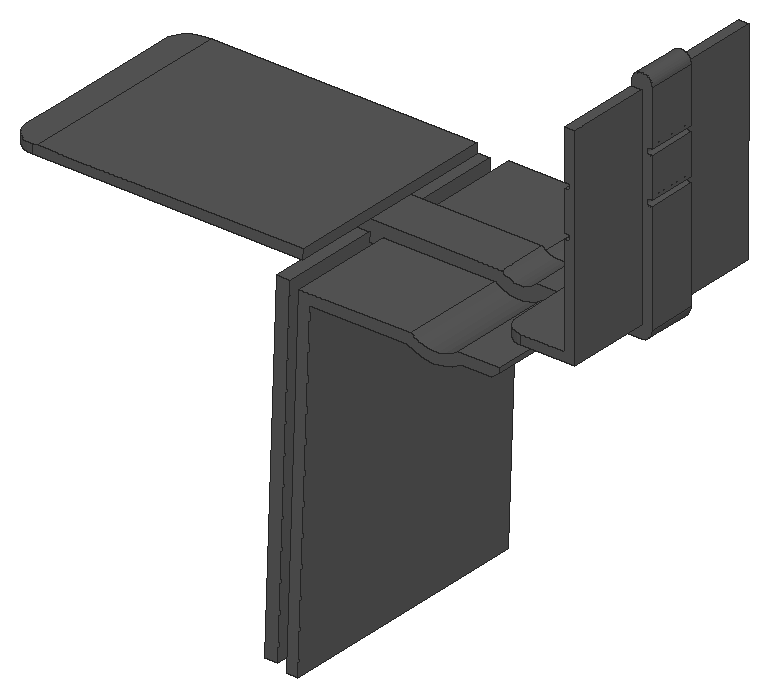
Revit family "NBS_TapcoRoofingProducts_DryFxngVrgs_TapcoSlate_DryVergeJointingClip", category Generic Models, Revit 2019
Family settings
  Can host rebar = No
  Round Connector Dimension = Use Diameter
  Part Type = Normal
  Work Plane-Based = No
  Always vertical = Yes
  Cut with Voids When Loaded = No
  Shared = No
  Room Calculation Point = No
Parameters (values of type "TapcoSlate_DryVergeJointingClip")
  WarrantyStartDate [instance] = "1900-12-31T23:59:59"
  WarrantyGuarantorParts = "n/a"
  WarrantyGuarantorLabor = "n/a"
  WarrantyDurationUnit = "year"
  WarrantyDurationParts = "n/a"
  WarrantyDurationLabor = "n/a"
  WarrantyDescription = "40-years"
  Version = "1"  # constant formula
  Uniclass2015Version = "Products v1.20"
  Uniclass2015Title = "Dry fixing verges"
  Uniclass2015Code = "Pr_35_90_93_30"
  ThermalTransmittance = 0
  TagNumber [instance] = "n/a"
  SustainabilityPerformance = "n/a"
  SurfaceSpreadOfFlame = "n/a"
  Status = "UNSET"
  Size = "Multifaceted"
  Shape = "n/a"
  SerialNumber [instance] = "n/a"
  Revision = "n/a"
  ReplacementCost = "2.21"
  Reference = "n/a"
  ProductInformation = "https://www.tapcoroofingproducts.com/product/tapcoslate-dry-verge-joint/"
  NominalWidth = 40 mm
  NominalLength = 90 mm
  NominalHeight = 70 mm
  Name = "DryFixingVerges_TapcoSlate_DryVergeJointingClip_TapcoRoofingProducts"
  NBSReference = "45-80-90/378"
  NBSDescription = "Dry fixing verges"
  NBSCertification = "www.nationalbimlibrary.com/cert/ck5qqsia"
  ModelReference = "TapcoSlate_DryVergeJointingClip"
  ModelNumber = "n/a"
  Material = "Unplasticised polyvinyl chloride (PVC-U)"
  ManufacturerURL = "www.tapcoroofingproducts.com"
  ManufacturerName = "Tapco Roofing Products"  # constant formula
  Manufacturer = "international@tapcoint.com"
  JointingClipMaterial = NBS_TapcoRoofingProducts_PVC-U_Black
  IsExternal = yes
  InstallationDate [instance] = "1900-12-31T23:59:59"
  IfcExportType = "ROOFING"  # constant formula
  IfcExportAs = "IfcCoveringType"  # constant formula
  Grade = "n/a"
  FragilityRating = "n/a"
  Form = "n/a"
  FlammabilityRating = "n/a"
  FireRating = "n/a"
  Finish = "n/a"
  Features = "Wind uplift and rain protection, patented ‘Drip System’ allows for self drainage of rain water into the gutter, requires no maintenance once installed, easy and quick to install"
  ExpectedLife = "25+ years"
  DurationUnit = "year"
  Description = "A one-size-fits-all jointing clip that can be scored and then bent accordingly"
  Constituents = "n/a"
  Combustible = yes
  Color = "Black"
  CodePerformance = "n/a"
  Category = "Pr_35_90_93_30:Dry fixing verges"
  BarCode [instance] = "n/a"
  BIMObjectName = "NBS_TapcoRoofingProducts_DryFixingVerges_TapcoSlate_DryVergeJointingClip"
  Author = "NBS"  # constant formula
  AssetType = "Fixed"
  AssetIdentifier [instance] = "n/a"
  Applications = "Used to clip together the joints in the TapcoSlate - Dry Verge system"
  AcousticRating = "n/a"
  Accessories = "n/a"
  AccessibilityPerformance = "n/a"
Reference planes
  plane 1 "Center (Front/Back)": y = 0
  plane 2: z = 0
  plane 3 "Center (Left/Right)": x = 0
  plane 4 "Back": y = 25.937
  plane 5 "Front": y = -25.937
  plane 6 "InnerRigth": x = -4.03
  plane 7: x = -2.159
  plane 8: z = 2.369
  plane 9 "Left": x = -114.382
  plane 10: through (-58.061, -1524, -60.804) normal (0.9994, 0, -0.0349)
  plane 11: through (-55.223, -1524, -60.804) normal (0.9994, 0, -0.0349)
  plane 12: through (-51.174, -1524, -5.901) normal (0.9994, 0, -0.0349)
  plane 13: z = -2.131
  plane 14: z = -68.772
  plane 15: y = 21.398
  plane 16: y = -21.502
  plane 17: y = 5
  plane 18: y = -5
  plane 19: y = 21.398
  plane 20: y = -21.502
  plane 21: y = 24.7
  plane 22: y = -24.7
  plane 23: z = 47.139
  plane 24: z = 4.239
  plane 25: through (-59.092, -1524, -16.611) normal (-0.9994, 0, 0.0349)
Forms (mm)
  Extrusion 1, solid, material "NBS_TapcoRoofingProducts_PVC-U_Black" <- "JointingClipMaterial", detail levels medium+fine
    sketch origin (0, 0, 0) x (1, 0, 0) y (0, 0, 1)
      loop
        line (-51.042, -2.131) -> (-31.72, -2.131)
        arc (-31.72, -2.131) -> (-26.39, -3.717) -> (-21.06, -2.131) r 9.75
        line (-21.06, -2.131) -> (-15.034, -2.131) -> (-13.474, -0.831) -> (-13.474, 0) -> (-21.737, 0)
        arc (-21.737, 0) -> (-26.39, -1.586) -> (-31.043, 0) r 7.619
        line (-31.043, 0) -> (-53.099, 0) -> (-55.501, -68.772) -> (-53.369, -68.772) -> (-51.042, -2.131)
    from -25.937 to 25.937
  Extrusion 2, solid, material "NBS_TapcoRoofingProducts_PVC-U_Black" <- "JointingClipMaterial", detail levels medium+fine
    sketch origin (0, 0, 0) x (1, 0, 0) y (0, 0, 1)
      loop
        line (-4.03, 44.135) -> (-4.03, 34.328)
        arc (-4.03, 34.328) -> (-3.103, 33.74) -> (-4.03, 33.152) r 0.65
        line (-4.03, 33.152) -> (-4.03, 25.286)
        arc (-4.03, 25.286) -> (-3.103, 24.698) -> (-4.03, 24.11) r 0.65
        line (-4.03, 24.11) -> (-4.03, 4.239) -> (-17.03, 4.239) -> (-17.03, 2.369) -> (-2.159, 2.369) -> (-2.159, 44.135) -> (-4.03, 44.135)
    from -21.398 to 21.502
  Extrusion 3, void
    sketch origin (0, 0, 0) x (1, 0, 0) y (0, 1, 0)
      loop
        line (-12.769, 21.398) -> (-12.769, 24.318) -> (-18.987, 24.318) -> (-18.987, -25.04) -> (-12.769, -25.04) -> (-12.769, -21.502)
        arc (-12.769, -21.502) -> (-15.503, -20.384) -> (-16.668, -17.67) r 3.9
        line (-16.668, -17.67) -> (-16.976, -0.677) -> (-16.668, 17.566)
        arc (-16.668, 17.566) -> (-15.503, 20.28) -> (-12.769, 21.398) r 3.9
    from 2.077 to 7.017
  Extrusion 4, solid, material "NBS_TapcoRoofingProducts_PVC-U_Black" <- "JointingClipMaterial", detail levels medium+fine
    sketch origin (0, 0, 0) x (1, 0, 0) y (0, 0, 1)
      loop
        line (-53.158, -1.672) -> (-53.099, 0) -> (-31.043, 0)
        arc (-31.043, 0) -> (-26.39, -1.586) -> (-21.737, 0) r 7.619
        line (-21.737, 0) -> (-12.769, 0) -> (-12.769, 2.369) -> (-22.924, 2.369)
        arc (-22.924, 2.369) -> (-26.39, 0.989) -> (-29.856, 2.369) r 5.044
        line (-29.856, 2.369) -> (-65.724, 2.369) -> (-65.724, 0) -> (-55.937, 0) -> (-55.996, -1.672) -> (-53.158, -1.672)
    from -5 to 5
  Extrusion 5, solid, material "NBS_TapcoRoofingProducts_PVC-U_Black" <- "JointingClipMaterial", detail levels medium+fine
    sketch origin (0, 0, 0) x (1, 0, 0) y (0, 0, 1)
      loop
        line (-114.382, 3.854) -> (-114.382, 2.369) -> (-55.855, 2.369) -> (-55.789, 4.239) -> (-108.211, 4.239) -> (-114.382, 3.854)
    from -21.398 to 21.502
  Extrusion 6, solid, material "NBS_TapcoRoofingProducts_PVC-U_Black" <- "JointingClipMaterial", detail levels medium+fine
    sketch origin (0, 0, 0) x (1, 0, 0) y (0, 0, 1)
      loop
        line (-60.904, -68.509) -> (-58.33, -68.509) -> (-55.934, 0.079) -> (-58.509, 0.079) -> (-60.904, -68.509)
    from -24.7 to 24.7
  Extrusion 7, solid, material "NBS_TapcoRoofingProducts_PVC-U_Black" <- "JointingClipMaterial", detail levels medium+fine
    sketch origin (0, 0, 0) x (1, 0, 0) y (0, 0, 1)
      loop
        arc (0, 45.124) -> (-2.015, 47.139) -> (-4.03, 45.124) r 2.015
        line (-4.03, 45.124) -> (-4.03, 44.135) -> (-2.159, 44.135) -> (-2.159, 2.369) -> (-12.769, 2.369) -> (-12.769, 0) -> (-2.192, 0)
        arc (-2.192, 0) -> (-0.642, 0.642) -> (0, 2.192) r 2.192
        line (0, 2.192) -> (0, 24.111)
        arc (0, 24.111) -> (-0.929, 24.698) -> (0, 25.285) r 0.65
        line (0, 25.285) -> (0, 33.153)
        arc (0, 33.153) -> (-0.929, 33.74) -> (0, 34.327) r 0.65
        line (0, 34.327) -> (0, 45.124)
    from -4.55 to 5
  Extrusion 8, void
    sketch origin (0, 0, 0) x (1, 0, 0) y (0, 1, 0)
      loop
        arc (-114.382, 17.392) -> (-113.209, 20.225) -> (-110.376, 21.398) r 4.006
        line (-110.376, 21.398) -> (-103.235, 21.398) -> (-102.822, 23.739) -> (-118.931, 24.302) -> (-118.931, 13.447) -> (-114.382, 13.447) -> (-114.382, 17.392)
    from 0 to 8.639
  Extrusion 9, void
    sketch origin (0, 0, 0) x (1, 0, 0) y (0, 1, 0)
      loop
        line (-114.382, -16.502) -> (-114.382, -8.686) -> (-119.044, -8.686) -> (-119.044, -23.686) -> (-102.095, -23.686) -> (-102.095, -21.502) -> (-109.382, -21.502)
        arc (-109.382, -21.502) -> (-112.918, -20.038) -> (-114.382, -16.502) r 5
    from 1.942 to 10.431
  Extrusion 10, solid, material "NBS_TapcoRoofingProducts_PVC-U_Black" <- "JointingClipMaterial", detail levels coarse
    sketch origin (0, 0, 0) x (1, 0, 0) y (0, 0, 1)
      loop
        line (-114.382, 4.239) -> (-114.382, 0) -> (-58.512, 0) -> (-60.914, -68.772) -> (-53.369, -68.772) -> (-50.967, 0) -> (0, 0) -> (0, 47.139) -> (-4.03, 47.139) -> (-4.03, 4.239) -> (-114.382, 4.239)
    from -25.937 to 25.937
Cuts and joins
  Extrusion 3 cuts Extrusion 2
  Extrusion 8, Extrusion 9 cuts Extrusion 5
Dimensions and locks
  locked: plane 3 "Center (Left/Right)" to plane 6 "InnerRigth" at 4.03
  locked: plane 7 to plane 3 "Center (Left/Right)" at 2.159
  locked: plane 8 to plane 2 at 2.369
  locked: plane 11 to plane 10 at 2.836
  plane 3 "Center (Left/Right)" to plane 9 "Left" = 114.382 mm
  equal spacing: plane 4 "Back", plane 1 "Center (Front/Back)", plane 5 "Front"
  locked: plane 2 to plane 13 at 2.131
  locked: plane 12 to plane 11 at 2.131
  Extrusion 1 to plane 3 "Center (Left/Right)" = 13.474 mm
  plane 4 "Back" to plane 5 "Front" = 51.875 mm
  locked: plane 4 "Back" to plane 15 at 4.539
  locked: plane 16 to plane 5 "Front" at 4.436
  equal spacing: plane 17, plane 1 "Center (Front/Back)", plane 18
  locked: plane 17 to plane 18 at 10
  locked: plane 19 to plane 4 "Back" at 4.539
  locked: plane 5 "Front" to plane 20 at 4.436
  locked: plane 21 to plane 4 "Back" at 1.237
  locked: plane 5 "Front" to plane 22 at 1.237
  locked: plane 23 to plane 2 at 47.139
  locked: plane 24 to plane 2 at 4.239
  locked: plane 25 to plane 10 at 2.573
  aligned and locked: level to plane 2
  aligned and locked: Extrusion 1 sketch curve to plane 12
  aligned and locked: Extrusion 1 sketch curve to plane 13
  aligned and locked: Extrusion 1 sketch curve to plane 11
  aligned and locked: Extrusion 1 sketch curve to plane 2
  aligned and locked: Extrusion 1 to plane 5 "Front"
  aligned and locked: plane 4 "Back" to Extrusion 1
  aligned and locked: Extrusion 2 sketch curve to plane 7
  aligned and locked: Extrusion 2 sketch curve to plane 6 "InnerRigth"
  aligned and locked: plane 15 to Extrusion 2
  aligned and locked: Extrusion 2 to plane 16
  aligned and locked: Extrusion 4 sketch curve to plane 8
  aligned and locked: Extrusion 4 sketch curve to plane 11
  aligned and locked: Extrusion 4 sketch curve to plane 10
  aligned and locked: plane 17 to Extrusion 4
  aligned and locked: Extrusion 4 to plane 18
  aligned and locked: Extrusion 5 sketch curve to plane 8
  aligned and locked: Extrusion 5 to plane 19
  aligned and locked: plane 20 to Extrusion 5
  aligned and locked: Extrusion 6 to plane 21
  aligned and locked: plane 22 to Extrusion 6
  aligned and locked: Extrusion 7 sketch curve to plane 3 "Center (Left/Right)"
  aligned and locked: Extrusion 7 sketch curve to plane 2
  aligned and locked: Extrusion 7 to plane 18
  aligned and locked: Extrusion 10 sketch curve to plane 9 "Left"
  aligned and locked: Extrusion 10 sketch curve to plane 24
  aligned and locked: Extrusion 10 sketch curve to plane 6 "InnerRigth"
  aligned and locked: Extrusion 10 sketch curve to plane 23
  aligned and locked: Extrusion 10 sketch curve to plane 3 "Center (Left/Right)"
  aligned and locked: Extrusion 10 sketch curve to plane 12
  aligned and locked: Extrusion 10 sketch curve to plane 25
  aligned and locked: Extrusion 10 sketch curve to plane 2
  aligned and locked: Extrusion 10 sketch curve to plane 14
  aligned and locked: plane 4 "Back" to Extrusion 10
  aligned and locked: Extrusion 10 to plane 5 "Front"
Automatic sketch dimensions
  Extrusion 1 sketch curve to Extrusion 1 sketch curve = 0 mm  (x2)
  Extrusion 1 sketch curve to plane 14 = 0 mm
  Extrusion 1 sketch curve to level = 0 mm
  Extrusion 1 sketch curve to plane 13 = 0 mm
  Extrusion 1 sketch curve to Extrusion 1 sketch curve = 19.322 mm
  Extrusion 1 sketch curve to Extrusion 1 sketch curve = 0.677 mm
  Extrusion 1 sketch curve to plane 8 = 3.665 mm
  Extrusion 1 sketch curve to Extrusion 1 sketch curve = 4.653 mm
  Extrusion 1 sketch curve to Extrusion 1 sketch curve = 6.026 mm
  Extrusion 1 sketch curve to level = 0.831 mm
  Extrusion 1 sketch curve to Extrusion 1 sketch curve = 1.56 mm
  Extrusion 2 sketch curve to plane 8 = 1.871 mm
  Extrusion 2 sketch curve to Extrusion 2 sketch curve = 39.896 mm
  plane 8 to Extrusion 2 sketch curve = 0 mm
  Extrusion 2 sketch curve to plane 6 "InnerRigth" = 13 mm
  plane 6 "InnerRigth" to Extrusion 2 sketch curve = 0.277 mm  (x2)
  Extrusion 2 sketch curve to Extrusion 2 sketch curve = 10.395 mm
  Extrusion 2 sketch curve to Extrusion 2 sketch curve = 8.454 mm
  Extrusion 2 sketch curve to Extrusion 2 sketch curve = 0.588 mm  (x2)
  Extrusion 2 sketch curve to plane 6 "InnerRigth" = 0 mm  (x2)
  Extrusion 3 sketch curve to plane 16 = 0 mm
  Extrusion 3 sketch curve to plane 15 = 0 mm
  Extrusion 3 sketch curve to plane 4 "Back" = 1.62 mm
  Extrusion 3 sketch curve to plane 6 "InnerRigth" = 14.957 mm
  plane 1 "Center (Front/Back)" to Extrusion 3 sketch curve = 0.677 mm
  Extrusion 3 sketch curve to plane 6 "InnerRigth" = 12.946 mm
  Extrusion 3 sketch curve to plane 15 = 3.832 mm
  Extrusion 3 sketch curve to Extrusion 3 sketch curve = 2.318 mm  (x2)
  plane 16 to Extrusion 3 sketch curve = 3.832 mm
  plane 5 "Front" to Extrusion 3 sketch curve = 0.898 mm
  Extrusion 3 sketch curve to Extrusion 3 sketch curve = 6.218 mm
  Extrusion 3 sketch curve to Extrusion 3 sketch curve = 3.899 mm
  Extrusion 4 sketch curve to level = 0 mm  (x3)
  plane 9 "Left" to Extrusion 4 sketch curve = 48.658 mm
  Extrusion 4 sketch curve to plane 8 = 3.665 mm
  Extrusion 4 sketch curve to plane 6 "InnerRigth" = 22.36 mm
  Extrusion 4 sketch curve to plane 6 "InnerRigth" = 8.739 mm
  Extrusion 4 sketch curve to Extrusion 4 sketch curve = 3.466 mm
  Extrusion 4 sketch curve to plane 8 = 0 mm
  Extrusion 4 sketch curve to Extrusion 4 sketch curve = 0 mm  (x2)
  Extrusion 4 sketch curve to Extrusion 4 sketch curve = 1.187 mm
  Extrusion 4 sketch curve to Extrusion 4 sketch curve = 0.058 mm
  Extrusion 5 sketch curve to plane 8 = 1.871 mm
  plane 9 "Left" to Extrusion 5 sketch curve = 6.172 mm
  Extrusion 5 sketch curve to plane 9 "Left" = 0 mm
  Extrusion 5 sketch curve to plane 8 = 1.486 mm
  Extrusion 5 sketch curve to plane 10 = 0 mm  (x2)
  Extrusion 6 sketch curve to plane 10 = 0 mm  (x2)
  level to Extrusion 6 sketch curve = 0.079 mm
  Extrusion 6 sketch curve to plane 6 "InnerRigth" = 54.479 mm
  plane 14 to Extrusion 6 sketch curve = 0.263 mm
  Extrusion 6 sketch curve to Extrusion 6 sketch curve = 2.575 mm
  Extrusion 7 sketch curve to plane 6 "InnerRigth" = 0 mm
  plane 7 to Extrusion 7 sketch curve = 0 mm
  plane 7 to Extrusion 7 sketch curve = 0.033 mm
  Extrusion 7 sketch curve to plane 8 = 41.766 mm
  Extrusion 7 sketch curve to Extrusion 7 sketch curve = 0.989 mm
  Extrusion 7 sketch curve to plane 8 = 0 mm
  Extrusion 7 sketch curve to plane 6 "InnerRigth" = 8.739 mm
  Extrusion 7 sketch curve to plane 3 "Center (Left/Right)" = 0.279 mm  (x2)
  Extrusion 7 sketch curve to Extrusion 7 sketch curve = 19.437 mm
  Extrusion 7 sketch curve to Extrusion 7 sketch curve = 0.587 mm  (x2)
  Extrusion 7 sketch curve to Extrusion 7 sketch curve = 8.455 mm
  Extrusion 7 sketch curve to plane 3 "Center (Left/Right)" = 0 mm  (x2)
  Extrusion 8 sketch curve to plane 9 "Left" = 0 mm
  Extrusion 8 sketch curve to plane 15 = 0 mm
  Extrusion 8 sketch curve to plane 9 "Left" = 4.549 mm
  plane 9 "Left" to Extrusion 8 sketch curve = 4.006 mm
  Extrusion 8 sketch curve to Extrusion 8 sketch curve = 7.141 mm
  plane 21 to Extrusion 8 sketch curve = 0.961 mm
  Extrusion 8 sketch curve to Extrusion 8 sketch curve = 0.413 mm
  Extrusion 8 sketch curve to Extrusion 8 sketch curve = 3.945 mm
  plane 21 to Extrusion 8 sketch curve = 0.398 mm
  Extrusion 9 sketch curve to plane 9 "Left" = 0 mm
  Extrusion 9 sketch curve to plane 16 = 0 mm
  Extrusion 9 sketch curve to plane 9 "Left" = 4.662 mm
  plane 9 "Left" to Extrusion 9 sketch curve = 5 mm
  Extrusion 9 sketch curve to Extrusion 9 sketch curve = 7.287 mm
  Extrusion 9 sketch curve to plane 22 = 1.014 mm
  Extrusion 9 sketch curve to plane 18 = 3.686 mm
  Extrusion 9 sketch curve to Extrusion 9 sketch curve = 0 mm
  Extrusion 10 sketch curve to level = 0 mm
